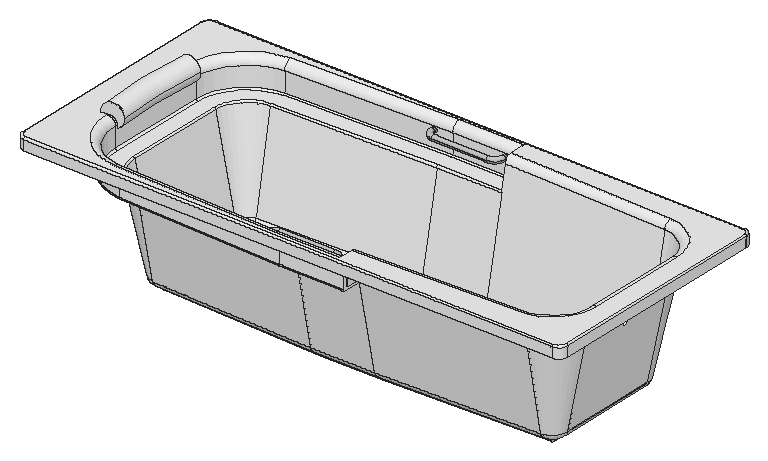
Revit family
Parameters (values of type "750 X 1700")
  Width = 745 mm  # constant formula
  Waste Connection Radius = Waste Connection Diameter / 2  # 20 mm
  Waste Connection = 1 = 1  # yes
  Vent Connection = 1 = 0  # no
  URL = "http://www.librabath.co.za/"
  Product Code = ""
  Omniclass Title = "Bathtubs"
  Omniclass Number = "23.45.05.14.21"
  Model = "San Michelle Rectangular Bath"
  Manufacturer = "Libra Sanitaryware"  # constant formula
  Length = 1695 mm
  Height = 420 mm  # constant formula
  HW Connection = 1 = 0  # no
  Family created by = "www.rbuiltcomponents.com"
  Waste Connection Diameter = 40 mm  # constant formula
  CW Connection = 1 = 0  # no
  Body Finish = Acrylic-Libra-White
  Assembly Code = "D2010500"
Types (3, lengths in mm): name | Length
  (no name) | 1695
  750 X 1700 | 1695
  750 X 1800 | 1795
Reference planes
  plane 1 "Bottom": z = 0
  plane 2 "Center (Left/Right)": x = 0
  plane 3 "Center (Front/Back)": y = -75
  plane 4 "Back": y = 297.5
  plane 5 "Front": y = -447.5
  plane 6 "Left": x = -847.5
  plane 7 "Right": x = 847.5
  plane 8 "Top": z = 420
  plane 9: z = 20
  plane 10 "Transition": x = 147.5
  plane 11: x = -752.5
  plane 12: x = 47.5
  plane 13: x = -52.5
Forms (mm)
  Sweep 1, solid, material "Acrylic-Libra-White" <- "Body Finish"
    path origin (0, 0, 0) x (1, 0, 0) y (0, 1, 0)
      loop
        arc (847.5, 81.635) -> (793.335, 218.5) -> (660.179, 281.233) r 200
        arc (660.179, 281.233) -> (403.969, 293.432) -> (147.5, 297.5) r 8086.826
        line (147.5, 297.5) -> (-52.5, 297.5)
        arc (-52.5, 297.5) -> (-308.969, 293.432) -> (-565.179, 281.233) r 8086.826
        arc (-565.179, 281.233) -> (-698.335, 218.5) -> (-752.5, 81.635) r 200
        line (-752.5, 81.635) -> (-752.5, -231.635)
        arc (-752.5, -231.635) -> (-698.335, -368.5) -> (-565.179, -431.233) r 200
        arc (-565.179, -431.233) -> (-308.969, -443.432) -> (-52.5, -447.5) r 8086.826
        line (-52.5, -447.5) -> (147.5, -447.5)
        arc (147.5, -447.5) -> (403.969, -443.432) -> (660.179, -431.233) r 8086.826
        arc (660.179, -431.233) -> (793.335, -368.5) -> (847.5, -231.635) r 200
        line (847.5, -231.635) -> (847.5, 81.635)
    profile origin (847.5, -75, 0) x (1, 0, 0) y (0, 0, 1)
      loop
        line (-92.546, 320) -> (-35, 320)
        arc (-35, 320) -> (-31.464, 321.464) -> (-30, 325) r 5
        line (-30, 325) -> (-30, 385) -> (183.8, 385) -> (183.8, 420) -> (-15, 420)
        arc (-15, 420) -> (-32.678, 412.678) -> (-40, 395) r 25
        line (-40, 395) -> (-40, 335)
        arc (-40, 335) -> (-41.464, 331.464) -> (-45, 330) r 5
        line (-45, 330) -> (-96.595, 330)
        arc (-96.595, 330) -> (-99.742, 328.886) -> (-101.486, 326.04) r 5
        line (-101.486, 326.04) -> (-161.886, 41.881)
        arc (-161.886, 41.881) -> (-167.118, 33.343) -> (-176.558, 30) r 15
        line (-176.558, 30) -> (-186.2, 30) -> (-186.2, 20) -> (-176.558, 20)
        arc (-176.558, 20) -> (-160.825, 25.571) -> (-152.104, 39.802) r 25
        line (-152.104, 39.802) -> (-92.546, 320)
  Sweep 2, void
    path origin (0, 0, 420) x (-1, 0, 0) y (0, -1, 0)
      loop
        arc (-847.5, -272.5) -> (-847.485, -273.361) -> (-847.441, -274.222) r 25
        arc (-847.441, -274.222) -> (-839.558, -290.776) -> (-822.5, -297.5) r 25
        line (-822.5, -297.5) -> (822.5, -297.5)
        arc (822.5, -297.5) -> (839.558, -290.776) -> (847.441, -274.222) r 25
        arc (847.441, -274.222) -> (847.485, -273.361) -> (847.5, -272.5) r 25
        line (847.5, -272.5) -> (847.5, 422.5)
        arc (847.5, 422.5) -> (840.178, 440.178) -> (822.5, 447.5) r 25
        line (822.5, 447.5) -> (-822.5, 447.5)
        arc (-822.5, 447.5) -> (-840.178, 440.178) -> (-847.5, 422.5) r 25
        line (-847.5, 422.5) -> (-847.5, -272.5)
    profile origin (847.5, -75, 420) x (1, 0, 0) y (0, 0, 1)
      loop
        arc (-5, 0) -> (-1.464, -1.464) -> (0, -5) r 5
        line (0, -5) -> (0, -35) -> (270, -35) -> (270, 0) -> (-5, 0)
  Revolve 3, void
    sketch origin (0, -75, 0) x (1, 0, 0) y (0, 0, 1)
      loop
        line (620, 34.176) -> (590.525, 34.176) -> (590.525, 31.875) -> (600, 28.426) -> (600, 0) -> (620, 0) -> (620, 34.176)
      axis (620, 34.176) -> (620, 0)
    angle from 0 to 360
  Revolve 4, solid, material "Chrome"
    sketch origin (0, -75, -2.812) x (1, 0, 0) y (0, 0, 1)
      loop
        line (620, 32.176) -> (620, 34.132) -> (601.563, 34.132)
        arc (601.563, 34.132) -> (600.87, 33.659) -> (601.058, 32.842) r 0.744
        line (601.058, 32.842) -> (591.308, 36.01)
        arc (591.308, 36.01) -> (590.653, 35.676) -> (590.987, 35.021) r 0.52
        line (590.987, 35.021) -> (599.743, 32.176) -> (620, 32.176)
      axis (620, 32.176) -> (620, 36.01)
    angle from 0 to 360
  Revolve 5, solid, material "Chrome"
    sketch origin (-10.625, -75, 0) x (1, 0, 0) y (0, 0, 1)
      loop
        line (736.052, 298.663) -> (749.743, 295.735) -> (754.972, 320.182) -> (747.593, 321.76) -> (738.63, 310.716) -> (736.052, 298.663)
      axis (749.743, 295.735) -> (736.052, 298.663)
    angle from 0 to 360
  Revolve 6, void
    sketch origin (-10.625, -75, 0) x (1, 0, 0) y (0, 0, 1)
      loop
        line (749.743, 295.735) -> (781.428, 288.958) -> (783.52, 298.737) -> (751.834, 305.514) -> (749.743, 295.735)
      axis (749.743, 295.735) -> (781.428, 288.958)
    angle from 0 to 360
  Sweep 7, solid, material "Acrylic-Libra-White" <- "Body Finish"
    path origin (0, 0, 0) x (1, 0, 0) y (0, 1, 0)
      loop
        arc (847.5, 81.635) -> (793.335, 218.5) -> (660.179, 281.233) r 200
        arc (660.179, 281.233) -> (403.969, 293.432) -> (147.5, 297.5) r 8086.826
        line (147.5, 297.5) -> (-52.5, 297.5)
        arc (-52.5, 297.5) -> (-308.969, 293.432) -> (-565.179, 281.233) r 8086.826
        arc (-565.179, 281.233) -> (-698.335, 218.5) -> (-752.5, 81.635) r 200
        line (-752.5, 81.635) -> (-752.5, -231.635)
        arc (-752.5, -231.635) -> (-698.335, -368.5) -> (-565.179, -431.233) r 200
        arc (-565.179, -431.233) -> (-308.969, -443.432) -> (-52.5, -447.5) r 8086.826
        line (-52.5, -447.5) -> (147.5, -447.5)
        arc (147.5, -447.5) -> (403.969, -443.432) -> (660.179, -431.233) r 8086.826
        arc (660.179, -431.233) -> (793.335, -368.5) -> (847.5, -231.635) r 200
        line (847.5, -231.635) -> (847.5, 81.635)
    profile origin (847.5, -75, 0) x (1, 0, 0) y (0, 0, 1)
      loop
        line (183.8, 420) -> (-61.27, 420)
        arc (-61.27, 420) -> (-77.003, 414.429) -> (-85.723, 400.198) r 25
        line (-85.723, 400.198) -> (-161.886, 41.881)
        arc (-161.886, 41.881) -> (-167.118, 33.343) -> (-176.558, 30) r 15
        line (-176.558, 30) -> (-186.2, 30) -> (-186.2, 20) -> (-176.558, 20)
        arc (-176.558, 20) -> (-160.825, 25.571) -> (-152.104, 39.802) r 25
        line (-152.104, 39.802) -> (-78.73, 385) -> (183.8, 385) -> (183.8, 420)
  Extrusion 8, void
    sketch origin (0, -75, 0) x (1, 0, 0) y (0, 0, 1)
      loop
        line (147.5, 420) -> (147.5, 0) -> (1147.5, 0) -> (1147.5, 420) -> (147.5, 420)
    from 619.275 to -846.584
  Extrusion 9, void
    sketch origin (0, -75, 0) x (1, 0, 0) y (0, 0, 1)
      loop
        line (-1147.5, 420) -> (-1147.5, 0) -> (147.5, 0) -> (147.5, 420) -> (-1147.5, 420)
    from -700 to 642.5
  Extrusion 10, solid, material "Acrylic-Libra-White" <- "Body Finish"
    sketch origin (147.5, 0, 0) x (0, 1, 0) y (0, 0, 1)
      loop
        arc (-407.5, 335) -> (-406.036, 331.464) -> (-402.5, 330) r 5
        line (-402.5, 330) -> (-357.079, 330) -> (-368.77, 385) -> (-407.5, 385) -> (-407.5, 335)
      loop
        line (257.5, 335) -> (257.5, 385) -> (218.77, 385) -> (207.079, 330) -> (252.5, 330)
        arc (252.5, 330) -> (256.036, 331.464) -> (257.5, 335) r 5
    from 0 to 5
  Extrusion 11, solid, material "Acrylic-Libra-White" <- "Body Finish"
    sketch origin (0, 0, 0) x (1, 0, 0) y (0, 1, 0)
      loop
        line (687.5, -287.5) -> (687.5, 137.5) -> (-592.5, 137.5) -> (-592.5, -287.5) -> (687.5, -287.5)
    from 0 to 32.5
  Sweep 12, void
    path origin (0, 0, 0) x (1, 0, 0) y (0, 1, 0)
      loop
        arc (847.5, 81.635) -> (793.335, 218.5) -> (660.179, 281.233) r 200
        arc (660.179, 281.233) -> (403.969, 293.432) -> (147.5, 297.5) r 8086.826
        line (147.5, 297.5) -> (-52.5, 297.5)
        arc (-52.5, 297.5) -> (-308.969, 293.432) -> (-565.179, 281.233) r 8086.826
        arc (-565.179, 281.233) -> (-698.335, 218.5) -> (-752.5, 81.635) r 200
        line (-752.5, 81.635) -> (-752.5, -231.635)
        arc (-752.5, -231.635) -> (-698.335, -368.5) -> (-565.179, -431.233) r 200
        arc (-565.179, -431.233) -> (-308.969, -443.432) -> (-52.5, -447.5) r 8086.826
        line (-52.5, -447.5) -> (147.5, -447.5)
        arc (147.5, -447.5) -> (403.969, -443.432) -> (660.179, -431.233) r 8086.826
        arc (660.179, -431.233) -> (793.335, -368.5) -> (847.5, -231.635) r 200
        line (847.5, -231.635) -> (847.5, 81.635)
    profile origin (847.5, -75, 0) x (1, 0, 0) y (0, 0, 1)
      loop
        line (-160, 32.5) -> (-192.5, 0) -> (0, 0) -> (0, 32.5) -> (-160, 32.5)
  Sweep 13, solid, material "Chrome"
    path origin (0, 387.5, 420) x (-1, 0, 0) y (0, -1, 0)
      loop
        line (110, 129.509) -> (110, 139.509)
        arc (110, 139.509) -> (102.678, 157.187) -> (85, 164.509) r 25
        line (85, 164.509) -> (-85, 164.509)
        arc (-85, 164.509) -> (-102.678, 157.187) -> (-110, 139.509) r 25
        line (-110, 139.509) -> (-110, 129.509)
    profile origin (0, 222.991, 420) x (0, 1, 0) y (0, 0, 1)
      loop
        circle (0, -35) r 7.5
  Sweep 14, solid, material "Chrome"
    path origin (0, -537.5, 420) x (-1, 0, 0) y (0, 1, 0)
      loop
        line (110, 129.509) -> (110, 139.509)
        arc (110, 139.509) -> (102.678, 157.187) -> (85, 164.509) r 25
        line (85, 164.509) -> (-85, 164.509)
        arc (-85, 164.509) -> (-102.678, 157.187) -> (-110, 139.509) r 25
        line (-110, 139.509) -> (-110, 129.509)
    profile origin (0, -372.991, 420) x (0, 1, 0) y (0, 0, 1)
      loop
        circle (0, -35) r 7.5
  Sweep 15, solid, material "Acrylic-Libra-White" <- "Body Finish"
    path origin (0, 0, 420) x (-1, 0, 0) y (0, -1, 0)
      loop
        arc (724.386, -75) -> (732.5, 75) -> (724.386, 225) r 1390.533
    profile origin (-732.5, -75, 420) x (1, 0, 0) y (0, 0, 1)
      loop
        circle (0, 0) r 35
Cuts and joins
  Revolve 6 cuts Revolve 5
  Sweep 2, Extrusion 8 cuts Sweep 1
  Sweep 2, Revolve 6, Extrusion 9 cuts Sweep 7
  joined: Sweep 1, Sweep 7
  Revolve 3, Sweep 12 cuts Extrusion 11
Lines and regions (mm)
  Masking region 1
    outline origin (0, 0, 0) x (1, 0, 0) y (0, 1, 0)
      loop
        arc (-827.5, 297.5) -> (-841.642, 291.642) -> (-847.5, 277.5) r 20
        line (-847.5, 277.5) -> (-847.5, -427.5)
        arc (-847.5, -427.5) -> (-841.642, -441.642) -> (-827.5, -447.5) r 20
        line (-827.5, -447.5) -> (827.5, -447.5)
        arc (827.5, -447.5) -> (841.642, -441.642) -> (847.5, -427.5) r 20
        line (847.5, -427.5) -> (847.5, 277.5)
        arc (847.5, 277.5) -> (841.642, 291.642) -> (827.5, 297.5) r 20
        line (827.5, 297.5) -> (-827.5, 297.5)
  Masking region 2
    outline origin (0, 37, 0) x (1, 0, 0) y (0, 0, 1)
      loop
        arc (-835, 420) -> (-845.607, 415.607) -> (-850, 405) r 15
        line (-850, 405) -> (-850, 390)
        arc (-850, 390) -> (-848.536, 386.464) -> (-845, 385) r 5
        line (-845, 385) -> (-752.5, 385) -> (-717.887, 325.048)
        arc (-717.887, 325.048) -> (-714.226, 321.388) -> (-709.226, 320.048) r 10
        line (-709.226, 320.048) -> (-645, 320.048)
        arc (-645, 320.048) -> (-525.331, 152.845) -> (-352.787, 41.014) r 552.202
        line (-352.787, 41.014) -> (-332.293, 20.519) -> (520.319, 0.175) -> (539.859, 19.714) -> (565.949, 19.092) -> (579.188, 5.853) -> (632.518, 4.58) -> (645.14, 17.202) -> (663.722, 16.759)
        arc (663.722, 16.759) -> (696.256, 27.787) -> (713.996, 57.204) r 50
        line (713.996, 57.204) -> (777.713, 385) -> (845, 385)
        arc (845, 385) -> (848.536, 386.464) -> (850, 390) r 5
        line (850, 390) -> (850, 405)
        arc (850, 405) -> (845.607, 415.607) -> (835, 420) r 15
        line (835, 420) -> (-685.368, 420)
        arc (-685.368, 420) -> (-720.368, 455) -> (-755.368, 420) r 35
        line (-755.368, 420) -> (-835, 420)
  Masking region 3
    outline origin (0, 0, 0) x (0, 1, 0) y (0, 0, 1)
      loop
        arc (-432.5, 420) -> (-443.107, 415.607) -> (-447.5, 405) r 15
        line (-447.5, 405) -> (-447.5, 390)
        arc (-447.5, 390) -> (-446.036, 386.464) -> (-442.5, 385) r 5
        line (-442.5, 385) -> (-404.219, 385) -> (-341.135, 60.46)
        arc (-341.135, 60.46) -> (-321.978, 29.943) -> (-287.282, 20.228) r 50
        line (-287.282, 20.228) -> (-267.053, 0) -> (117.053, 0) -> (137.282, 20.228)
        arc (137.282, 20.228) -> (171.978, 29.943) -> (191.135, 60.46) r 50
        line (191.135, 60.46) -> (254.219, 385) -> (292.5, 385)
        arc (292.5, 385) -> (296.036, 386.464) -> (297.5, 390) r 5
        line (297.5, 390) -> (297.5, 405)
        arc (297.5, 405) -> (293.107, 415.607) -> (282.5, 420) r 15
        line (282.5, 420) -> (-432.5, 420)
  symbolic lines, detail levels fine
    curve 1: circle (620, -75, 150) r 20 normal (0, 0, -1)
    curve 2: circle (620, -75, 150) r 35 normal (0, 0, -1)
  symbolic lines, style "Tub"
    curve 3: line (-752.5, 322.5, 385) -> (777.713, 322.5, 385)
    curve 4: line (0, 253.247, 385) -> (0, -403.247, 385)
    curve 5: line (0, 137.282, 20.228) -> (0, -287.282, 20.228)
    curve 6: arc (147.5, 218.77, 0) -> (401.472, 214.741, 0) -> (655.188, 202.661, 0) r 8008.096
    curve 7: arc (768.77, 81.635, 0) -> (735.927, 164.623, 0) -> (655.188, 202.661, 0) r 121.27
    curve 8: line (768.77, -231.635, 0) -> (768.77, 81.635, 0)
    curve 9: arc (768.77, -231.635, 0) -> (735.927, -314.623, 0) -> (655.188, -352.661, 0) r 121.27
    curve 10: arc (655.188, -352.661, 0) -> (401.472, -364.741, 0) -> (147.5, -368.77, 0) r 8008.096
    curve 11: line (147.5, 257.5, 0) -> (-82.5, 257.5, 0)
    curve 12: arc (-593.277, 241.293, 0) -> (-338.017, 253.447, 0) -> (-82.5, 257.5, 0) r 8056.826
    curve 13: arc (-752.5, 71.635, 0) -> (-706.46, 187.97, 0) -> (-593.277, 241.293, 0) r 170
    curve 14: line (-752.5, 71.635, 0) -> (-752.5, 68.71, 0)
    curve 15: arc (-593.277, -391.293, 0) -> (-706.46, -337.97, 0) -> (-752.5, -221.635, 0) r 170
    curve 16: line (-82.5, -407.5, 0) -> (147.5, -407.5, 0)
    curve 17: arc (-82.5, -407.5, 0) -> (-338.017, -403.447, 0) -> (-593.277, -391.293, 0) r 8056.827
    curve 18: line (147.5, 257.5, 0) -> (147.5, 218.77, 0)
    curve 19: line (147.5, -368.77, 0) -> (147.5, -407.5, 0)
    curve 20: arc (-52.5, 218.77, 0) -> (-306.472, 214.741, 0) -> (-560.188, 202.661, 0) r 8008.096
    curve 21: arc (-673.77, 81.635, 0) -> (-640.927, 164.623, 0) -> (-560.188, 202.661, 0) r 121.27
    curve 22: line (-673.77, -231.635, 0) -> (-673.77, 81.635, 0)
    curve 23: arc (-673.77, -231.635, 0) -> (-640.927, -314.623, 0) -> (-560.188, -352.661, 0) r 121.27
    curve 24: arc (-560.188, -352.661, 0) -> (-306.472, -364.741, 0) -> (-52.5, -368.77, 0) r 8008.096
    curve 25: line (-52.5, 218.77, 0) -> (147.5, 218.77, 0)
    curve 26: line (147.5, -368.77, 0) -> (-52.5, -368.77, 0)
    curve 27: line (-784.372, 72.169, 0) -> (-744.589, 67.852, 0)
    curve 28: line (-784.372, -222.169, 0) -> (-744.589, -217.852, 0)
    curve 29: arc (-800.941, 58.459, 0) -> (-806.301, -75, 0) -> (-800.941, -208.459, 0) r 1664.361
    curve 30: arc (-731.255, 51.747, 0) -> (-736.301, -75, 0) -> (-731.255, -201.747, 0) r 1594.361
    curve 31: line (-752.5, -218.71, 0) -> (-752.5, -221.635, 0)
    curve 32: arc (-784.372, 72.169, 0) -> (-795.552, 68.813, 0) -> (-800.941, 58.459, 0) r 15
    curve 33: arc (-731.255, 51.747, 0) -> (-734.654, 62.506, 0) -> (-744.589, 67.852, 0) r 15
    curve 34: arc (-744.589, -217.852, 0) -> (-734.654, -212.506, 0) -> (-731.255, -201.747, 0) r 15
    curve 35: arc (-784.372, -222.169, 0) -> (-795.552, -218.813, 0) -> (-800.941, -208.459, 0) r 15
  symbolic lines, style "Tub", detail levels fine
    curve 36: line (-52.5, 138.77, 0) -> (147.5, 138.77, 0)
    curve 37: line (-473.77, -225.879, 0) -> (-473.77, 75.879, 0)
    curve 38: line (688.77, 68.896, 0) -> (688.77, -218.896, 0)
    curve 39: arc (-52.5, 138.77, 0) -> (-248.658, 131.697, 0) -> (-443.798, 110.516, 0) r 2723.762
    curve 40: arc (147.5, 138.77, 0) -> (403.64, 129.958, 0) -> (658.569, 103.565, 0) r 3727.253
    curve 41: arc (-443.798, 110.516, 0) -> (-465.237, 98.781, 0) -> (-473.77, 75.879, 0) r 35
    curve 42: arc (688.77, 68.896, 0) -> (680.161, 91.885, 0) -> (658.569, 103.565, 0) r 35
    curve 43: line (-52.5, -288.77, 0) -> (147.5, -288.77, 0)
    curve 44: arc (-52.5, -288.77, 0) -> (-248.658, -281.697, 0) -> (-443.798, -260.516, 0) r 2723.762
    curve 45: arc (147.5, -288.77, 0) -> (403.64, -279.958, 0) -> (658.569, -253.565, 0) r 3727.253
    curve 46: arc (-443.798, -260.516, 0) -> (-465.237, -248.781, 0) -> (-473.77, -225.879, 0) r 35
    curve 47: arc (688.77, -218.896, 0) -> (680.161, -241.885, 0) -> (658.569, -253.565, 0) r 35
    curve 48: line (-81.768, 235.52, 0) -> (82.5, 235.52, 0)
    curve 49: line (102.5, 257.5, 0) -> (102.5, 255.52, 0)
    curve 50: line (-101.768, 257.477, 0) -> (-101.768, 255.52, 0)
    curve 51: arc (-81.768, 235.52, 0) -> (-95.91, 241.378, 0) -> (-101.768, 255.52, 0) r 20
    curve 52: arc (82.5, 235.52, 0) -> (96.642, 241.378, 0) -> (102.5, 255.52, 0) r 20
    curve 53: line (118.5, 257.5, 0) -> (118.5, 255.52, 0)
    curve 54: arc (118.5, 255.52, 0) -> (107.956, 230.064, 0) -> (82.5, 219.52, 0) r 36
    curve 55: line (82.5, 219.52, 0) -> (-81.768, 219.52, 0)
    curve 56: arc (-81.768, 219.52, 0) -> (-107.224, 230.064, 0) -> (-117.768, 255.52, 0) r 36
    curve 57: line (-117.768, 255.52, 0) -> (-117.768, 257.477, 0)
    curve 58: line (-117.768, 257.477, 0) -> (-101.768, 257.477, 0)
    curve 59: line (118.5, 257.5, 0) -> (102.5, 257.5, 0)
    curve 60: line (-81.768, -385.52, 0) -> (82.5, -385.52, 0)
    curve 61: line (102.5, -407.5, 0) -> (102.5, -405.52, 0)
    curve 62: line (-101.768, -407.477, 0) -> (-101.768, -405.52, 0)
    curve 63: arc (-81.768, -385.52, 0) -> (-95.91, -391.378, 0) -> (-101.768, -405.52, 0) r 20
    curve 64: arc (82.5, -385.52, 0) -> (96.642, -391.378, 0) -> (102.5, -405.52, 0) r 20
    curve 65: line (118.5, -407.5, 0) -> (118.5, -405.52, 0)
    curve 66: arc (118.5, -405.52, 0) -> (107.956, -380.064, 0) -> (82.5, -369.52, 0) r 36
    curve 67: line (82.5, -369.52, 0) -> (-81.768, -369.52, 0)
    curve 68: arc (-81.768, -369.52, 0) -> (-107.224, -380.064, 0) -> (-117.768, -405.52, 0) r 36
    curve 69: line (-117.768, -405.52, 0) -> (-117.768, -407.477, 0)
    curve 70: line (-117.768, -407.477, 0) -> (-101.768, -407.477, 0)
    curve 71: line (118.5, -407.5, 0) -> (102.5, -407.5, 0)
Dimensions and locks
  equal spacing: plane 5 "Front", plane 3 "Center (Front/Back)", plane 4 "Back"
  locked: plane 5 "Front" to plane 4 "Back" at 745
  equal spacing: plane 6 "Left", plane 2 "Center (Left/Right)", plane 7 "Right"
  "Length": plane 6 "Left" to plane 7 "Right"
  locked: plane 8 "Top" to plane 1 "Bottom" at 420
  locked: plane 8 "Top" to plane 9 at 400
  locked: plane 10 "Transition" to plane 7 "Right" at 700
  locked: plane 6 "Left" to plane 11 at 95
  equal spacing: plane 11, plane 12, plane 7 "Right"
  locked: plane 11 to plane 13 at 700
  locked: Extrusion 8 sketch curve to plane 7 "Right" at 300
  locked: plane 6 "Left" to Extrusion 9 sketch curve at 300
  locked: plane 11 to Extrusion 11 sketch curve at 160
  locked: Extrusion 11 sketch curve to plane 7 "Right" at 160
  locked: Extrusion 11 sketch curve to plane 4 "Back" at 160
  locked: Extrusion 11 sketch curve to plane 5 "Front" at 160
  locked: Extrusion 11 to plane 9 at 12.5
  Sweep 13 sketch curve to plane 2 "Center (Left/Right)" to Sweep 13 sketch curve = 110 mm locked, 110 mm locked
  Sweep 14 sketch curve to plane 2 "Center (Left/Right)" to Sweep 14 sketch curve = 110 mm locked, 110 mm locked
  locked: plane 11 to Sweep 15 sketch curve at 20
  locked: connector elem to plane 7 "Right" at 227.5
  locked: connector elem to plane 3 "Center (Front/Back)" at 0
  aligned and locked: Masking region 3 sketch curve to plane 1 "Bottom"
  aligned and locked: Masking region 2 to curve 3
  aligned and locked: Sweep 2 sketch curve to profile plane
  aligned and locked: Revolve 3 sketch curve to Revolve 3 sketch curve
  aligned and locked: Revolve 6 sketch curve to Revolve 5
  aligned and locked: curve 4 to Masking region 3
  aligned and locked: Masking region 3 to curve 5
  aligned and locked: Sweep 1 sketch curve to plane 7 "Right"
  aligned and locked: Sweep 2 sketch curve to plane 4 "Back"
  aligned and locked: Sweep 2 sketch curve to plane 5 "Front"
  aligned and locked: Sweep 2 sketch curve to plane 7 "Right"
  aligned and locked: Sweep 2 sketch curve to plane 6 "Left"
  aligned and locked: plane 13 to Sweep 1 sketch curve  (x2)
  aligned and locked: plane 4 "Back" to Sweep 1 sketch curve
  aligned and locked: plane 10 "Transition" to Sweep 1 sketch curve  (x2)
  aligned and locked: Sweep 1 sketch curve to plane 11
  aligned and locked: plane 5 "Front" to Sweep 1 sketch curve
  aligned and locked: plane 9 to Sweep 7 sketch curve
  aligned and locked: Extrusion 9 sketch curve to plane 8 "Top"
  aligned and locked: plane 1 "Bottom" to Extrusion 9 sketch curve
  aligned and locked: Extrusion 8 to plane 10 "Transition"
  aligned and locked: Extrusion 9 sketch curve to plane 10 "Transition"
  aligned and locked: plane 10 "Transition" to Extrusion 8 sketch curve
  aligned and locked: Extrusion 8 sketch curve to plane 8 "Top"
  aligned and locked: plane 1 "Bottom" to Extrusion 8 sketch curve
  aligned and locked: Sweep 12 sketch curve to plane 11
  aligned and locked: Sweep 12 sketch curve to plane 7 "Right"
  aligned and locked: plane 5 "Front" to Sweep 12 sketch curve
  aligned and locked: plane 4 "Back" to Sweep 12 sketch curve
  aligned and locked: plane 13 to Sweep 12 sketch curve  (x2)
  aligned and locked: plane 10 "Transition" to Sweep 12 sketch curve  (x2)
  aligned and locked: cut or joined group of Revolve 3, Extrusion 11, Sweep 12 to Sweep 12 sketch curve
  aligned and locked: plane 1 "Bottom" to Sweep 12 sketch curve
  aligned and locked: plane 4 "Back" to Masking region 1 sketch curve
  aligned and locked: plane 5 "Front" to Masking region 1 sketch curve
  aligned and locked: Masking region 1 sketch curve to plane 6 "Left"
  aligned and locked: Masking region 1 sketch curve to plane 7 "Right"
  aligned and locked: curve 6 to cut or joined group of Sweep 1, Sweep 2, Revolve 6, Sweep 7, Extrusion 8, Extrusion 9
  aligned and locked: curve 8 to cut or joined group of Sweep 1, Sweep 2, Revolve 6, Sweep 7, Extrusion 8, Extrusion 9
  aligned and locked: curve 10 to cut or joined group of Sweep 1, Sweep 2, Revolve 6, Sweep 7, Extrusion 8, Extrusion 9
  aligned and locked: cut or joined group of Sweep 1, Sweep 2, Revolve 6, Sweep 7, Extrusion 8, Extrusion 9 to curve 18
  aligned and locked: Extrusion 10 to curve 19
  aligned and locked: curve 14 to plane 11
Automatic sketch dimensions
  curve 1 to curve 2 = 0 mm  (x2)
  curve 2 to plane 3 "Center (Front/Back)" = 0 mm
  curve 2 to plane 7 "Right" = 227.5 mm
  plane 6 "Left" to Masking region 1 sketch curve = 20 mm  (x2)
  Masking region 1 sketch curve to plane 7 "Right" = 20 mm  (x2)
  Sweep 1 sketch curve to plane 5 "Front" = 16.267 mm
  Sweep 1 sketch curve to Sweep 1 sketch curve = 187.321 mm  (x2)
  Sweep 1 sketch curve to Sweep 1 sketch curve = 0 mm  (x5)
  plane 4 "Back" to Sweep 1 sketch curve = 16.267 mm  (x2)
  Sweep 1 sketch curve to Sweep 1 sketch curve = 200 mm  (x2)
  Sweep 1 sketch curve to Sweep 1 sketch curve = 12.679 mm  (x2)
  Sweep 2 sketch curve to Sweep 2 sketch curve = 0 mm  (x5)
  Sweep 2 sketch curve to plane 7 "Right" = 0.059 mm
  Sweep 2 sketch curve to plane 7 "Right" = 25 mm  (x2)
  plane 6 "Left" to Sweep 2 sketch curve = 25 mm  (x2)
  plane 6 "Left" to Sweep 2 sketch curve = 0.059 mm
  Sweep 2 sketch curve to profile plane = 0 mm  (x2)
  profile plane to Sweep 2 sketch curve = 5 mm
  Sweep 2 sketch curve to profile plane = 270 mm
  Sweep 2 sketch curve to Sweep 2 sketch curve = 30 mm
  Revolve 5 sketch curve to plane 7 "Right" = 122.073 mm
  Revolve 5 sketch curve to Revolve 5 sketch curve = 0.32 mm
  Revolve 5 sketch curve to Revolve 5 sketch curve = 2.578 mm
  Revolve 5 sketch curve to Revolve 5 sketch curve = 8.962 mm
  Revolve 5 sketch curve to Revolve 5 sketch curve = 13.371 mm
  Revolve 5 sketch curve to Revolve 5 sketch curve = 7.379 mm
  Revolve 5 sketch curve to Revolve 5 sketch curve = 30.634 mm
  Revolve 5 sketch curve to plane 8 "Top" = 130.817 mm
  Revolve 5 sketch curve to Revolve 5 sketch curve = 6.552 mm
  Revolve 5 sketch curve to Revolve 5 sketch curve = 2.86 mm
  Revolve 5 sketch curve to Revolve 5 sketch curve = 0.068 mm
  Revolve 6 sketch curve to plane 7 "Right" = 108.382 mm
  Revolve 6 sketch curve to Revolve 6 sketch curve = 0 mm  (x4)
  Revolve 6 sketch curve to Revolve 6 sketch curve = 2.092 mm
  Revolve 6 sketch curve to Revolve 6 sketch curve = 31.686 mm
  Revolve 6 sketch curve to Revolve 6 sketch curve = 6.777 mm
  Extrusion 10 sketch curve to plane 5 "Front" = 40 mm
  Extrusion 10 sketch curve to Extrusion 10 sketch curve = 5 mm
  Extrusion 10 sketch curve to plane 8 "Top" = 35 mm  (x2)
  Extrusion 10 sketch curve to Extrusion 10 sketch curve = 38.73 mm  (x2)
  Extrusion 10 sketch curve to Extrusion 10 sketch curve = 45.421 mm
  plane 4 "Back" to Extrusion 10 sketch curve = 90.421 mm
  Extrusion 10 sketch curve to Extrusion 10 sketch curve = 11.691 mm
  plane 4 "Back" to Extrusion 10 sketch curve = 45 mm
  Extrusion 10 sketch curve to Extrusion 10 sketch curve = 50 mm  (x2)
  Sweep 12 sketch curve to plane 5 "Front" = 16.267 mm
  Sweep 12 sketch curve to Sweep 12 sketch curve = 187.321 mm  (x2)
  Sweep 12 sketch curve to Sweep 12 sketch curve = 0 mm  (x3)
  plane 4 "Back" to Sweep 12 sketch curve = 16.267 mm  (x2)
  Sweep 12 sketch curve to Sweep 12 sketch curve = 200 mm  (x2)
  Sweep 12 sketch curve to Sweep 12 sketch curve = 12.679 mm  (x2)
  Sweep 13 sketch curve to Sweep 13 sketch curve = 25 mm  (x2)
  plane 4 "Back" to Sweep 13 sketch curve = 39.509 mm  (x2)
  Sweep 13 sketch curve to Sweep 13 sketch curve = 10 mm
  Sweep 13 sketch curve to profile plane = 0 mm
  Sweep 13 sketch curve to plane 8 "Top" = 35 mm
  Sweep 14 sketch curve to plane 12 = 37.5 mm
  plane 5 "Front" to Sweep 14 sketch curve = 39.509 mm  (x2)
  Sweep 14 sketch curve to Sweep 14 sketch curve = 10 mm
  Sweep 14 sketch curve to profile plane = 0 mm
  Sweep 14 sketch curve to plane 8 "Top" = 35 mm
  Sweep 14 sketch curve to Sweep 14 sketch curve = 25 mm
  Sweep 15 sketch curve to plane 3 "Center (Front/Back)" = 0 mm
  plane 11 to Sweep 15 sketch curve = 28.114 mm  (x2)
  Sweep 15 sketch curve to plane 3 "Center (Front/Back)" = 150 mm
  Sweep 15 sketch curve to plane 8 "Top" = 0 mm
  Sweep 15 sketch curve to profile plane = 0 mm
  Masking region 3 sketch curve to plane 5 "Front" = 0 mm
  Masking region 3 sketch curve to Masking region 3 sketch curve = 5 mm
  Masking region 3 sketch curve to Masking region 3 sketch curve = 15 mm  (x3)
  Masking region 3 sketch curve to Masking region 3 sketch curve = 28.281 mm  (x2)
  plane 9 to Masking region 3 sketch curve = 40.46 mm
  Masking region 3 sketch curve to plane 5 "Front" = 106.365 mm
  plane 9 to Masking region 3 sketch curve = 0.228 mm  (x2)
  Masking region 3 sketch curve to Masking region 3 sketch curve = 53.853 mm
  Masking region 3 sketch curve to Masking region 3 sketch curve = 20.228 mm  (x2)
  Masking region 3 sketch curve to plane 3 "Center (Front/Back)" = 192.053 mm
  Masking region 3 sketch curve to Masking region 3 sketch curve = 49.081 mm
  plane 4 "Back" to Masking region 3 sketch curve = 43.281 mm
  Masking region 3 sketch curve to Masking region 3 sketch curve = 10 mm
  Masking region 3 sketch curve to Masking region 3 sketch curve = 40.231 mm
  Masking region 3 sketch curve to plane 8 "Top" = 35 mm  (x2)
  curve 29 to curve 30 = 0 mm  (x2)
  curve 51 to curve 56 = 0 mm  (x2)
  curve 52 to curve 54 = 0 mm  (x2)
  curve 63 to curve 68 = 0 mm  (x2)
  curve 64 to curve 66 = 0 mm  (x2)
  curve 31 to plane 11 = 0 mm
  curve 39 to plane 13 = 0 mm
  curve 25 to plane 13 = 0 mm
  curve 24 to plane 13 = 0 mm
  curve 44 to plane 13 = 0 mm
  curve 43 to plane 10 "Transition" = 0 mm
  curve 40 to plane 10 "Transition" = 0 mm
  curve 29 to plane 3 "Center (Front/Back)" = 0 mm
  curve 27 to plane 11 = 31.872 mm
  curve 28 to plane 11 = 31.872 mm
  curve 35 to curve 28 = 1.618 mm
  curve 32 to curve 32 = 1.618 mm
  curve 29 to curve 35 = 14.952 mm
  curve 29 to curve 32 = 14.952 mm
  curve 35 to curve 29 = 0 mm
  curve 32 to curve 29 = 0 mm
  plane 11 to curve 34 = 6.293 mm
  plane 11 to curve 33 = 6.293 mm
  plane 11 to curve 33 = 7.911 mm
  plane 11 to curve 28 = 7.911 mm
  curve 34 to curve 30 = 14.953 mm
  curve 33 to curve 30 = 14.953 mm
  curve 33 to curve 30 = 0 mm
  curve 34 to curve 30 = 0 mm
  curve 30 to curve 22 = 57.485 mm
  plane 11 to curve 17 = 159.223 mm
  curve 15 to curve 17 = 0 mm
  plane 4 "Back" to curve 12 = 56.207 mm
  plane 11 to curve 12 = 159.223 mm
  curve 13 to curve 12 = 0 mm
  curve 23 to curve 15 = 91.27 mm
  curve 21 to curve 13 = 91.27 mm
  curve 15 to curve 24 = 33.089 mm
  curve 23 to curve 24 = 0 mm
  curve 12 to curve 21 = 33.089 mm
  curve 21 to curve 20 = 0 mm
  curve 15 to curve 23 = 30 mm
  curve 13 to curve 21 = 30 mm
  curve 21 to curve 37 = 78.73 mm
  curve 37 to curve 39 = 29.972 mm
  curve 46 to curve 44 = 29.972 mm
  curve 41 to curve 39 = 0 mm
  curve 46 to curve 44 = 0 mm
  curve 37 to curve 46 = 35 mm
  curve 39 to curve 41 = 5.028 mm
  curve 69 to plane 13 = 65.268 mm
  curve 57 to plane 13 = 65.268 mm
  curve 57 to curve 50 = 16 mm
  curve 68 to curve 63 = 16 mm
  curve 12 to plane 13 = 30 mm
  curve 17 to plane 13 = 30 mm
  curve 12 to curve 48 = 0.732 mm
  curve 16 to curve 63 = 0.732 mm
  plane 12 to curve 64 = 35 mm
  plane 12 to curve 54 = 35 mm
  curve 64 to curve 61 = 20 mm
  curve 52 to curve 49 = 20 mm
  curve 9 to curve 8 = 121.27 mm
  curve 7 to curve 8 = 121.27 mm
  curve 9 to curve 47 = 6.27 mm
  curve 7 to curve 42 = 6.27 mm
  curve 9 to curve 10 = 7.688 mm
  plane 4 "Back" to curve 7 = 94.839 mm
  curve 9 to curve 45 = 11.069 mm
  curve 7 to curve 42 = 11.069 mm
  curve 40 to curve 42 = 0 mm
  curve 47 to curve 45 = 0 mm
  curve 42 to curve 38 = 35 mm
  plane 7 "Right" to curve 29 = 10.56 mm
  plane 5 "Front" to curve 40 = 3140.983 mm
  curve 61 to plane 5 "Front" = 40 mm
  curve 19 to curve 65 = 0 mm
  curve 16 to curve 70 = 0.023 mm
  curve 16 to curve 63 = 1.98 mm
  curve 19 to curve 45 = 80 mm
  curve 28 to curve 15 = 0.534 mm
  curve 31 to curve 31 = 2.925 mm
  curve 18 to curve 55 = 0.75 mm
  curve 50 to curve 58 = 1.957 mm
  curve 49 to curve 59 = 1.98 mm
  level to Sweep 1 sketch curve = 20 mm
  profile plane to Sweep 1 sketch curve = 186.2 mm
  Sweep 1 sketch curve to Sweep 1 sketch curve = 9.642 mm
  Sweep 1 sketch curve to Sweep 1 sketch curve = 14.672 mm
  level to Sweep 1 sketch curve = 39.802 mm
  Sweep 1 sketch curve to Sweep 1 sketch curve = 9.781 mm
  profile plane to Sweep 1 sketch curve = 101.486 mm
  Sweep 1 sketch curve to Sweep 1 sketch curve = 4.891 mm
  Sweep 1 sketch curve to Sweep 1 sketch curve = 4.049 mm
  profile plane to Sweep 1 sketch curve = 45 mm
  profile plane to Sweep 1 sketch curve = 40 mm
  Sweep 1 sketch curve to Sweep 1 sketch curve = 10 mm  (x3)
  Sweep 1 sketch curve to Sweep 1 sketch curve = 5 mm  (x2)
  profile plane to Sweep 1 sketch curve = 15 mm
  Sweep 1 sketch curve to profile plane = 183.8 mm
  Sweep 1 sketch curve to Sweep 1 sketch curve = 280.198 mm
  Sweep 1 sketch curve to Sweep 1 sketch curve = 1.04 mm
  Sweep 1 sketch curve to Sweep 1 sketch curve = 50 mm
  Revolve 3 sketch curve to level = 0 mm
  plane 9 to Revolve 3 sketch curve = 14.176 mm
  Revolve 3 sketch curve to plane 7 "Right" = 256.975 mm
  Revolve 3 sketch curve to Revolve 3 sketch curve = 9.475 mm
  Revolve 3 sketch curve to Revolve 3 sketch curve = 20 mm
  Revolve 3 sketch curve to Revolve 3 sketch curve = 21.536 mm
  plane 9 to Revolve 3 sketch curve = 8.426 mm
  Revolve 3 sketch curve to Revolve 3 sketch curve = 2.301 mm
  Revolve 3 sketch curve to Revolve 3 sketch curve = 9.288 mm
  plane 9 to Revolve 4 sketch curve = 12.209 mm
  Revolve 4 sketch curve to plane 7 "Right" = 256.513 mm
  Revolve 4 sketch curve to Revolve 4 sketch curve = 0.161 mm  (x2)
  plane 9 to Revolve 4 sketch curve = 13.198 mm
  plane 9 to Revolve 4 sketch curve = 9.364 mm
  Revolve 4 sketch curve to Revolve 4 sketch curve = 8.756 mm
  plane 9 to Revolve 4 sketch curve = 10.03 mm
  Revolve 4 sketch curve to Revolve 4 sketch curve = 1.315 mm
  Revolve 4 sketch curve to Revolve 4 sketch curve = 0.504 mm
  Revolve 4 sketch curve to Revolve 4 sketch curve = 18.438 mm
  Revolve 4 sketch curve to Revolve 4 sketch curve = 0 mm
  level to Revolve 4 sketch curve = 6.809 mm
  Revolve 4 sketch curve to Revolve 4 sketch curve = 0.547 mm
  Revolve 4 sketch curve to Revolve 4 sketch curve = 14.051 mm
  Sweep 7 sketch curve to plane 11 = 0 mm
  Sweep 7 sketch curve to plane 4 "Back" = 0 mm
  Sweep 7 sketch curve to plane 13 = 0 mm  (x2)
  Sweep 7 sketch curve to plane 5 "Front" = 0 mm
  Sweep 7 sketch curve to plane 10 "Transition" = 0 mm  (x2)
  Sweep 7 sketch curve to plane 7 "Right" = 0 mm
  Sweep 7 sketch curve to plane 5 "Front" = 16.267 mm
  Sweep 7 sketch curve to Sweep 7 sketch curve = 187.321 mm  (x2)
  Sweep 7 sketch curve to Sweep 7 sketch curve = 0 mm  (x5)
  plane 4 "Back" to Sweep 7 sketch curve = 16.267 mm  (x2)
  Sweep 7 sketch curve to plane 7 "Right" = 200 mm  (x2)
  Sweep 7 sketch curve to Sweep 7 sketch curve = 12.679 mm  (x2)
  level to Sweep 7 sketch curve = 30 mm
  profile plane to Sweep 7 sketch curve = 186.2 mm
  Sweep 7 sketch curve to Sweep 7 sketch curve = 9.642 mm
  Sweep 7 sketch curve to Sweep 7 sketch curve = 14.672 mm
  Sweep 7 sketch curve to Sweep 7 sketch curve = 9.781 mm
  profile plane to Sweep 7 sketch curve = 85.723 mm
  Sweep 7 sketch curve to Sweep 7 sketch curve = 6.993 mm
  Sweep 7 sketch curve to Sweep 7 sketch curve = 24.454 mm
  Sweep 7 sketch curve to profile plane = 183.8 mm
  Sweep 7 sketch curve to Sweep 7 sketch curve = 9.802 mm
  Sweep 7 sketch curve to Sweep 7 sketch curve = 345.198 mm
  Sweep 7 sketch curve to Sweep 7 sketch curve = 10 mm
  Sweep 7 sketch curve to Sweep 7 sketch curve = 15.198 mm
  Sweep 12 sketch curve to profile plane = 0 mm
  profile plane to Sweep 12 sketch curve = 160 mm
  Sweep 12 sketch curve to Sweep 12 sketch curve = 32.5 mm
  curve 3 to plane 11 = 0 mm
  curve 3 to plane 7 "Right" = 69.787 mm
  Masking region 2 sketch curve to plane 8 "Top" = 0 mm
  Masking region 2 sketch curve to plane 11 = 0 mm
  Masking region 2 sketch curve to plane 11 = 2.868 mm
  plane 6 "Left" to Masking region 2 sketch curve = 12.5 mm
  plane 6 "Left" to Masking region 2 sketch curve = 2.5 mm
  Masking region 2 sketch curve to plane 6 "Left" = 2.5 mm
  Masking region 2 sketch curve to Masking region 2 sketch curve = 35 mm
  plane 11 to Masking region 2 sketch curve = 34.613 mm
  Masking region 2 sketch curve to Masking region 2 sketch curve = 8.66 mm
  Masking region 2 sketch curve to Masking region 2 sketch curve = 64.226 mm
  plane 9 to Masking region 2 sketch curve = 21.014 mm
  Masking region 2 sketch curve to plane 13 = 300.287 mm
  plane 9 to Masking region 2 sketch curve = 0.519 mm
  Masking region 2 sketch curve to Masking region 2 sketch curve = 20.495 mm
  Masking region 2 sketch curve to plane 13 = 91.474 mm
  level to Masking region 2 sketch curve = 0.175 mm
  Masking region 2 sketch curve to plane 7 "Right" = 327.181 mm
  Masking region 2 sketch curve to plane 9 = 0.286 mm
  Masking region 2 sketch curve to Masking region 2 sketch curve = 19.539 mm
  Masking region 2 sketch curve to plane 9 = 0.908 mm
  Masking region 2 sketch curve to Masking region 2 sketch curve = 26.091 mm
  level to Masking region 2 sketch curve = 5.853 mm
  Masking region 2 sketch curve to Masking region 2 sketch curve = 13.239 mm
  level to Masking region 2 sketch curve = 4.58 mm
  Masking region 2 sketch curve to Masking region 2 sketch curve = 53.33 mm
  Masking region 2 sketch curve to plane 9 = 2.798 mm
  Masking region 2 sketch curve to Masking region 2 sketch curve = 12.622 mm
  Masking region 2 sketch curve to plane 9 = 3.241 mm
  Masking region 2 sketch curve to Masking region 2 sketch curve = 18.582 mm
  Masking region 2 sketch curve to Masking region 2 sketch curve = 1.193 mm
  plane 9 to Masking region 2 sketch curve = 37.204 mm
  Masking region 2 sketch curve to Masking region 2 sketch curve = 49.081 mm
  Masking region 2 sketch curve to plane 7 "Right" = 69.787 mm
  Masking region 2 sketch curve to plane 7 "Right" = 12.5 mm
  Masking region 2 sketch curve to plane 7 "Right" = 2.5 mm
  plane 7 "Right" to Masking region 2 sketch curve = 2.5 mm
  Masking region 2 sketch curve to plane 8 "Top" = 99.952 mm
  Masking region 2 sketch curve to Masking region 2 sketch curve = 5 mm
  Masking region 2 sketch curve to Masking region 2 sketch curve = 20 mm  (x2)
  curve 4 to plane 5 "Front" = 44.253 mm
  curve 5 to plane 5 "Front" = 160.218 mm
  plane 4 "Back" to curve 5 = 160.218 mm
  plane 4 "Back" to curve 4 = 44.253 mm
  radius of curve 1 = 20 mm
  radius of curve 2 = 35 mm
  radius of Sweep 13 sketch curve = 7.5 mm
  radius of Sweep 14 sketch curve = 7.5 mm
  radius of Sweep 15 sketch curve = 35 mm
Connectors
  piping at (620, -75, 0), driven by "Waste Connection Radius"
    settings: on Extrusion 11, index 1
